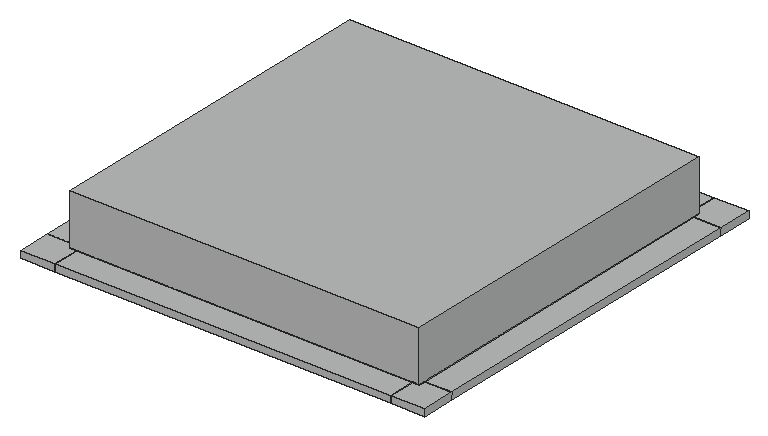
Revit family "ALUMOGIPS", category Осветительные приборы, Revit 2019 (continued)
Types (72, lengths in mm): name | Файл фотометрической сетки | built-in parameter 1150105 | Lumens | built-in parameter 1150106 | built-in parameter 1150142 | Wattage | Emit from Rectangle Width | Emit from Rectangle Length | Длина | Материал светильника | Ширина | ADSK_Ток | ADSK_Полная мощность | ADSK_Обозначение | ADSK_Номинальная мощность | ADSK_Наименование | ADSK_Масса | ADSK_Код изделия
  Alumogips-38/opal-sand 295х1195 (IP54, 4000К, серый) | "Светильник ALUMOGIPS-38 OPAL-SAND-(295x1195).ies" | 302.39 (stored number, unit not read) | 3800 lm | 3.0239 (stored number, unit not read) | "IESNA:LM-63-1995\r\n[TEST] Протокол №334/16 от 03.11.2016г. Испытательная лаборатория Государственного предприятия \"ЦСОТ НАН Беларуси\"\r\n[MORE] FFFFFFFD255B12BA015C13F525FB5F2F2\r\n[DATA] 02.11.2016\r\n[MANUFAC] ЗАО \"Центрстройсвет\"\r\n[LUMCAT] Светильник ALUMOGIPS-38/OPAL-SAND-(295X1195)\r\n[LUMINAIRE] офисное освещение\r\n[LAMP] \r\nTILT=NONE\r\n1    -1.0   1.000 91 181 1 2   .295   1.195   0.04\r\n1.0  1.0   37.90\r\n0.0 2.0 4.0 6.0 8.0 10.0 12.0 14.0 16.0 18.0 20.0 22.0 24.0 26.0 28.0 30.0 32.0 34.0 36.0 38.0 40.0 42.0 44.0 46.0 48.0 50.0 52.0 54.0 56.0 58.0 60.0 62.0 64.0 66.0 68.0 70.0 72.0 74.0 76.0 78.0 80.0 82.0 84.0 86.0 88.0 90.0 92.0 94.0 96.0 98.0 100.0 102.0 104.0 106.0 108.0 110.0 112.0 114.0 116.0 118.0 120.0 122.0 124.0 126.0 128.0 130.0 132.0 134.0 136.0 138.0 140.0 142.0 144.0 146.0 148.0 150.0 152.0 154.0 156.0 158.0 160.0 162.0 164.0 166.0 168.0 170.0 172.0 174.0 176.0 178.0 180.0 \r\n0.0 2.0 4.0 6.0 8.0 10.0 12.0 14.0 16.0 18.0 20.0 22.0 24.0 26.0 28.0 30.0 32.0 34.0 36.0 38.0 40.0 42.0 44.0 46.0 48.0 50.0 52.0 54.0 56.0 58.0 60.0 62.0 64.0 66.0 68.0 70.0 72.0 74.0 76.0 78.0 80.0 82.0 84.0 86.0 88.0 90.0 92.0 94.0 96.0 98.0 100.0 102.0 104.0 106.0 108.0 110.0 112.0 114.0 116.0 118.0 120.0 122.0 124.0 126.0 128.0 130.0 132.0 134.0 136.0 138.0 140.0 142.0 144.0 146.0 148.0 150.0 152.0 154.0 156.0 158.0 160.0 162.0 164.0 166.0 168.0 170.0 172.0 174.0 176.0 178.0 180.0 182.0 184.0 186.0 188.0 190.0 192.0 194.0 196.0 198.0 200.0 202.0 204.0 206.0 208.0 210.0 212.0 214.0 216.0 218.0 220.0 222.0 224.0 226.0 228.0 230.0 232.0 234.0 236.0 238.0 240.0 242.0 244.0 246.0 248.0 250.0 252.0 254.0 256.0 258.0 260.0 262.0 264.0 266.0 268.0 270.0 272.0 274.0 276.0 278.0 280.0 282.0 284.0 286.0 288.0 290.0 292.0 294.0 296.0 298.0 300.0 302.0 304.0 306.0 308.0 310.0 312.0 314.0 316.0 318.0 320.0 322.0 324.0 326.0 328.0 330.0 332.0 334.0 336.0 338.0 340.0 342.0 344.0 346.0 348.0 350.0 352.0 354.0 356.0 358.0 360.0 \r\n1417.637 1416.354 1411.816 1405.303 1395.733 1384.288 1370.276 1353.307 1334.658 1313.741 1290.456 1264.901 1237.669 1208.563 1177.582 1144.923 1111.476 1076.252 \r\n1039.646 1001.857 963.476 923.417 883.260 842.018 801.072 758.644 716.317 673.693 630.576 587.064 543.749 500.435 457.614 414.891 371.972 330.137 289.191 248.836 209.765 171.778 \r\n133.693 99.653 67.389 36.901 9.077 0.592 0.592 0.592 0.493 0.493 0.493 0.493 0.493 0.493 0.493 0.493 0.395 0.395 0.395 0.395 0.395 0.395 0.395 0.296 0.296 0.296 0.296 0.296 0.296 0.296 0.296 0.197 \r\n0.197 0.197 0.197 0.197 0.197 0.197 0.197 0.098 0.098 0.098 0.098 0.098 0.098 0.098 0.098 0.000 0.000 0.000 0.000 \r\n1417.637 1416.453 1411.914 1405.402 1395.930 1384.583 1370.671 1353.701 1335.053 1314.234 1290.850 1265.395 1238.261 1209.155 1178.075 1145.515 1112.067 1076.844 \r\n1040.239 1002.548 964.167 924.207 883.951 842.708 801.762 759.336 717.008 674.383 631.267 587.755 544.441 501.126 458.206 415.385 372.465 330.631 289.585 249.231 210.160 172.172 \r\n134.088 99.949 67.685 37.198 9.275 0.592 0.592 0.592 0.493 0.493 0.493 0.493 0.493 0.493 0.493 0.493 0.395 0.395 0.395 0.395 0.395 0.395 0.395 0.296 0.296 0.296 0.296 0.296 0.296 0.296 0.296 0.197 \r\n0.197 0.197 0.197 0.197 0.197 0.197 0.197 0.098 0.098 0.098 0.098 0.098 0.098 0.098 0.098 0.000 0.000 0.000 0.000 \r\n1417.637 1416.453 1412.013 1405.600 1396.226 1384.781 1370.968 1354.095 1335.448 1314.629 1291.344 1265.888 1238.754 1209.648 1178.667 1146.206 1112.758 1077.534 \r\n1040.929 1003.140 964.857 924.898 884.740 843.400 802.453 760.026 717.698 674.976 631.859 588.446 545.032 501.718 458.798 415.977 373.057 331.124 290.079 249.625 210.553 172.567 \r\n134.383 100.245 67.883 37.394 9.472 0.592 0.592 0.592 0.493 0.493 0.493 0.493 0.493 0.493 0.493 0.493 0.395 0.395 0.395 0.395 0.395 0.395 0.395 0.296 0.296 0.296 0.296 0.296 0.296 0.296 0.296 0.197 \r\n0.197 0.197 0.197 0.197 0.197 0.197 0.197 0.098 0.098 0.098 0.098 0.098 0.098 0.098 0.098 0.000 0.000 0.000 0.000 \r\n1417.637 1416.551 1412.111 1405.796 1396.423 1385.077 1371.264 1354.391 1335.842 1315.024 1291.837 1266.382 1239.248 1210.240 1179.259 1146.798 1113.350 1078.126 \r\n1041.620 1003.831 965.548 925.588 885.431 844.090 803.143 760.717 718.389 675.666 632.549 589.038 545.723 502.310 459.390 416.569 373.550 331.617 290.474 250.119 210.948 172.863 \r\n134.679 100.541 68.178 37.591 9.669 0.592 0.592 0.592 0.493 0.493 0.493 0.493 0.493 0.493 0.493 0.493 0.395 0.395 0.395 0.395 0.395 0.395 0.395 0.296 0.296 0.296 0.296 0.296 0.296 0.296 0.296 0.197 \r\n0.197 0.197 0.197 0.197 0.197 0.197 0.197 0.098 0.098 0.098 0.098 0.098 0.098 0.098 0.098 0.000 0.000 0.000 0.000 \r\n1417.637 1416.551 1412.309 1405.895 1396.621 1385.373 1371.559 1354.786 1336.237 1315.419 1292.232 1266.875 1239.742 1210.733 1179.851 1147.390 1113.942 1078.816 \r\n1042.310 1004.521 966.238 926.279 886.121 844.879 803.834 761.408 719.080 676.357 633.240 589.728 546.315 502.902 459.982 417.062 374.043 332.110 290.967 250.513 211.343 173.258 \r\n135.074 100.837 68.376 37.888 9.965 0.592 0.592 0.592 0.493 0.493 0.493 0.493 0.493 0.493 0.493 0.493 0.395 0.395 0.395 0.395 0.395 0.395 0.395 0.296 0.296 0.296 0.296 0.296 0.296 0.296 0.296 0.197 \r\n0.197 0.197 0.197 0.197 0.197 0.197 0.197 0.098 0.098 0.098 0.098 0.098 0.098 0.098 0.098 0.000 0.000 0.000 0.000 \r\n1417.637 1416.650 1412.407 1406.093 1396.917 1385.669 1371.954 1355.181 1336.632 1315.912 1292.725 1267.368 1240.334 1211.325 1180.443 1147.982 1114.633 1079.409 \r\n1042.903 1005.212 966.929 926.969 886.812 845.569 804.524 762.098 719.770 677.048 633.832 590.320 546.907 503.494 460.574 417.654 374.636 332.603 291.460 250.908 211.738 173.653 \r\n135.371 101.133 68.671 38.086 10.163 0.592 0.592 0.592 0.493 0.493 0.493 0.493 0.493 0.493 0.493 0.493 0.395 0.395 0.395 0.395 0.395 0.395 0.395 0.296 0.296 0.296 0.296 0.296 0.296 0.296 0.296 0.197 \r\n0.197 0.197 0.197 0.197 0.197 0.197 0.197 0.098 0.098 0.098 0.098 0.098 0.098 0.098 0.098 0.000 0.000 0.000 0.000 \r\n1417.637 1416.650 1412.506 1406.191 1397.114 1385.866 1372.250 1355.576 1337.027 1316.307 1293.218 1267.861 1240.827 1211.918 1181.035 1148.672 1115.225 1080.099 \r\n1043.593 1005.902 967.620 927.660 887.503 846.260 805.215 762.789 720.461 677.739 634.523 591.011 547.598 504.086 461.166 418.247 375.129 333.098 291.855 251.401 212.132 173.948 \r\n135.666 101.429 68.968 38.381 10.360 0.592 0.592 0.592 0.493 0.493 0.493 0.493 0.493 0.493 0.493 0.493 0.395 0.395 0.395 0.395 0.395 0.395 0.395 0.296 0.296 0.296 0.296 0.296 0.296 0.296 0.296 0.197 \r\n0.197 0.197 0.197 0.197 0.197 0.197 0.197 0.098 0.098 0.098 0.098 0.098 0.098 0.098 0.098 0.000 0.000 0.000 0.000 \r\n1417.637 1416.650 1412.604 1406.389 1397.311 1386.162 1372.546 1355.871 1337.421 1316.701 1293.613 1268.355 1241.320 1212.411 1181.627 1149.265 1115.816 1080.691 \r\n1044.284 1006.593 968.212 928.351 888.194 846.951 805.906 763.479 721.151 678.429 635.213 591.702 548.190 504.777 461.758 418.740 375.721 333.591 292.348 251.796 212.527 174.343 \r\n135.962 101.627 69.165 38.579 10.557 0.592 0.592 0.592 0.493 0.493 0.493 0.493 0.493 0.493 0.493 0.395 0.395 0.395 0.395 0.395 0.395 0.395 0.395 0.296 0.296 0.296 0.296 0.296 0.296 0.296 0.296 0.197 \r\n0.197 0.197 0.197 0.197 0.197 0.197 0.197 0.098 0.098 0.098 0.098 0.098 0.098 0.098 0.098 0.000 0.000 0.000 0.000 \r\n1417.637 1416.749 1412.704 1406.586 1397.607 1386.458 1372.941 1356.266 1337.815 1317.095 1294.106 1268.848 1241.813 1213.003 1182.219 1149.856 1116.409 1081.382 \r\n1044.876 1007.283 968.902 929.042 888.885 847.642 806.597 764.170 721.843 679.120 635.806 592.293 548.881 505.368 462.351 419.332 376.214 334.084 292.841 252.191 212.922 174.738 \r\n136.357 101.922 69.461 38.776 10.853 0.592 0.592 0.592 0.493 0.493 0.493 0.493 0.493 0.493 0.493 0.395 0.395 0.395 0.395 0.395 0.395 0.395 0.395 0.296 0.296 0.296 0.296 0.296 0.296 0.296 0.296 0.197 \r\n0.197 0.197 0.197 0.197 0.197 0.197 0.197 0.098 0.098 0.098 0.098 0.098 0.098 0.098 0.098 0.000 0.000 0.000 0.000 \r\n1417.637 1416.749 1412.802 1406.684 1397.805 1386.754 1373.237 1356.661 1338.210 1317.589 1294.599 1269.341 1242.406 1213.496 1182.811 1150.448 1117.099 1081.974 \r\n1045.566 1007.974 969.593 929.732 889.575 848.333 807.287 764.861 722.533 679.712 636.496 592.985 549.472 505.960 462.942 419.825 376.707 334.577 293.236 252.684 213.317 175.034 \r\n136.652 102.218 69.659 39.072 11.051 0.592 0.592 0.592 0.493 0.493 0.493 0.493 0.493 0.493 0.493 0.395 0.395 0.395 0.395 0.395 0.395 0.395 0.395 0.296 0.296 0.296 0.296 0.296 0.296 0.296 0.296 0.197 \r\n0.197 0.197 0.197 0.197 0.197 0.197 0.197 0.098 0.098 0.098 0.098 0.098 0.098 0.098 0.098 0.000 0.000 0.000 0.000 \r\n1417.637 1416.848 1412.901 1406.882 1398.002 1387.051 1373.533 1356.957 1338.605 1317.983 1294.994 1269.834 1242.899 1214.089 1183.403 1151.041 1117.692 1082.665 \r\n1046.257 1008.566 970.284 930.423 890.266 849.121 807.978 765.552 723.224 680.403 637.187 593.675 550.163 506.553 463.534 420.416 377.300 335.071 293.729 253.079 213.712 175.429 \r\n136.949 102.515 69.954 39.269 11.248 0.592 0.592 0.592 0.493 0.493 0.493 0.493 0.493 0.493 0.493 0.395 0.395 0.395 0.395 0.395 0.395 0.395 0.395 0.296 0.296 0.296 0.296 0.296 0.296 0.296 0.296 0.197 \r\n0.197 0.197 0.197 0.197 0.197 0.197 0.197 0.098 0.098 0.098 0.098 0.098 0.098 0.098 0.098 0.000 0.000 0.000 0.000 \r\n1417.637 1416.848 1412.999 1407.079 1398.298 1387.247 1373.829 1357.352 1339.000 1318.378 1295.488 1270.327 1243.392 1214.680 1183.995 1151.731 1118.283 1083.257 \r\n1046.849 1009.257 970.975 931.113 891.055 849.813 808.668 766.242 723.914 681.093 637.779 594.266 550.755 507.145 464.126 421.009 377.793 335.564 294.222 253.474 214.105 175.823 \r\n137.343 102.810 70.250 39.467 11.445 0.592 0.592 0.592 0.493 0.493 0.493 0.493 0.493 0.493 0.493 0.395 0.395 0.395 0.395 0.395 0.395 0.395 0.395 0.296 0.296 0.296 0.296 0.296 0.296 0.296 0.296 0.197 \r\n0.197 0.197 0.197 0.197 0.197 0.197 0.197 0.098 0.098 0.098 0.098 0.098 0.098 0.098 0.098 0.000 0.000 0.000 0.000 \r\n1417.637 1416.946 1413.098 1407.178 1398.495 1387.544 1374.223 1357.747 1339.395 1318.773 1295.882 1270.822 1243.886 1215.174 1184.587 1152.323 1118.974 1083.848 \r\n1047.540 1009.947 971.665 931.903 891.746 850.503 809.359 766.933 724.507 681.784 638.470 594.958 551.445 507.836 464.718 421.502 378.287 336.057 294.617 253.967 214.500 176.119 \r\n137.640 103.106 70.447 39.762 11.741 0.592 0.592 0.592 0.493 0.493 0.493 0.493 0.493 0.493 0.493 0.395 0.395 0.395 0.395 0.395 0.395 0.395 0.395 0.296 0.296 0.296 0.296 0.296 0.296 0.296 0.296 0.197 \r\n0.197 0.197 0.197 0.197 0.197 0.197 0.197 0.098 0.098 0.098 0.098 0.098 0.098 0.098 0.098 0.000 0.000 0.000 0.000 \r\n1417.637 1416.946 1413.197 1407.376 1398.693 1387.839 1374.520 1358.042 1339.789 1319.168 1296.376 1271.315 1244.477 1215.765 1185.179 1152.915 1119.566 1084.539 \r\n1048.230 1010.638 972.356 932.594 892.436 851.194 810.050 767.623 725.197 682.474 639.160 595.649 552.038 508.427 465.310 422.094 378.878 336.550 295.111 254.362 214.895 176.514 \r\n137.935 103.403 70.744 39.960 11.939 0.592 0.592 0.592 0.493 0.493 0.493 0.493 0.493 0.493 0.493 0.395 0.395 0.395 0.395 0.395 0.395 0.395 0.395 0.296 0.296 0.296 0.296 0.296 0.296 0.296 0.296 0.197 \r\n0.197 0.197 0.197 0.197 0.197 0.197 0.197 0.098 0.098 0.098 0.098 0.098 0.098 0.098 0.098 0.000 0.000 0.000 0.000 \r\n1417.637 1417.044 1413.295 1407.474 1398.890 1388.135 1374.815 1358.437 1340.184 1319.661 1296.869 1271.808 1244.971 1216.258 1185.673 1153.507 1120.158 1085.131 \r\n1048.823 1011.329 973.046 933.284 893.127 851.884 810.741 768.314 725.888 683.165 639.752 596.240 552.728 509.019 465.902 422.686 379.371 337.044 295.505 254.757 215.388 176.909 \r\n138.232 103.698 70.942 40.157 12.136 0.592 0.592 0.592 0.493 0.493 0.493 0.493 0.493 0.493 0.493 0.395 0.395 0.395 0.395 0.395 0.395 0.395 0.395 0.296 0.296 0.296 0.296 0.296 0.296 0.296 0.296 0.197 \r\n0.197 0.197 0.197 0.197 0.197 0.197 0.197 0.098 0.098 0.098 0.098 0.098 0.098 0.098 0.098 0.000 0.000 0.000 0.000 \r\n1417.637 1417.044 1413.394 1407.671 1399.187 1388.333 1375.111 1358.832 1340.578 1320.056 1297.264 1272.301 1245.464 1216.851 1186.264 1154.099 1120.849 1085.822 \r\n1049.513 1012.020 973.737 933.975 893.818 852.575 811.432 769.004 726.578 683.855 640.443 596.930 553.321 509.611 466.494 423.180 379.964 337.537 295.999 255.250 215.783 177.304 \r\n138.626 103.994 71.237 40.453 12.333 0.592 0.592 0.592 0.493 0.493 0.493 0.493 0.493 0.493 0.493 0.395 0.395 0.395 0.395 0.395 0.395 0.395 0.395 0.296 0.296 0.296 0.296 0.296 0.296 0.296 0.296 0.197 \r\n0.197 0.197 0.197 0.197 0.197 0.197 0.197 0.098 0.098 0.098 0.098 0.098 0.098 0.098 0.098 0.000 0.000 0.000 0.000 \r\n1417.637 1417.143 1413.492 1407.869 1399.383 1388.629 1375.506 1359.226 1340.973 1320.451 1297.757 1272.795 1246.056 1217.443 1186.856 1154.790 1121.441 1086.414 \r\n1050.204 1012.711 974.428 934.665 894.508 853.365 812.122 769.695 727.269 684.448 641.134 597.523 554.011 510.203 467.086 423.772 380.457 338.031 296.492 255.645 216.178 177.599 \r\n138.922 104.291 71.533 40.650 12.629 0.592 0.592 0.592 0.493 0.493 0.493 0.493 0.493 0.493 0.493 0.395 0.395 0.395 0.395 0.395 0.395 0.395 0.395 0.296 0.296 0.296 0.296 0.296 0.296 0.296 0.296 0.197 \r\n0.197 0.197 0.197 0.197 0.197 0.197 0.197 0.098 0.098 0.098 0.098 0.098 0.098 0.098 0.098 0.000 0.000 0.000 0.000 \r\n1417.637 1417.143 1413.592 1407.967 1399.580 1388.925 1375.803 1359.523 1341.367 1320.845 1298.250 1273.288 1246.550 1217.936 1187.448 1155.382 1122.032 1087.105 \r\n1050.894 1013.401 975.119 935.356 895.199 854.055 812.813 770.386 727.959 685.138 641.725 598.213 554.603 510.795 467.678 424.265 380.951 338.524 296.887 256.038 216.573 177.994 \r\n139.218 104.586 71.730 40.848 12.826 0.592 0.592 0.493 0.493 0.493 0.493 0.493 0.493 0.493 0.493 0.395 0.395 0.395 0.395 0.395 0.395 0.395 0.395 0.296 0.296 0.296 0.296 0.296 0.296 0.296 0.296 0.197 \r\n0.197 0.197 0.197 0.197 0.197 0.197 0.197 0.098 0.098 0.098 0.098 0.098 0.098 0.098 0.098 0.000 0.000 0.000 0.000 \r\n1417.637 1417.242 1413.690 1408.165 1399.877 1389.220 1376.098 1359.917 1341.762 1321.339 1298.645 1273.781 1247.043 1218.528 1188.041 1155.974 1122.723 1087.697 \r\n1051.487 1013.993 975.810 936.046 895.889 854.746 813.503 771.077 728.650 685.829 642.416 598.904 555.294 511.486 468.270 424.857 381.542 339.018 297.380 256.533 216.967 178.389 \r\n139.613 104.882 72.026 41.143 13.024 0.592 0.592 0.493 0.493 0.493 0.493 0.493 0.493 0.493 0.493 0.395 0.395 0.395 0.395 0.395 0.395 0.395 0.395 0.296 0.296 0.296 0.296 0.296 0.296 0.296 0.296 0.197 \r\n0.197 0.197 0.197 0.197 0.197 0.197 0.197 0.098 0.098 0.098 0.098 0.098 0.098 0.098 0.098 0.000 0.000 0.000 0.000 \r\n1417.637 1417.242 1413.789 1408.362 1400.075 1389.517 1376.394 1360.311 1342.157 1321.733 1299.138 1274.274 1247.536 1219.022 1188.632 1156.566 1123.315 1088.388 \r\n1052.177 1014.684 976.500 936.738 896.581 855.436 814.194 771.768 729.341 686.519 643.107 599.496 555.885 512.078 468.862 425.449 382.035 339.511 297.873 256.926 217.362 178.685 \r\n139.909 105.079 72.223 41.341 13.221 0.592 0.592 0.493 0.493 0.493 0.493 0.493 0.493 0.493 0.493 0.395 0.395 0.395 0.395 0.395 0.395 0.395 0.395 0.296 0.296 0.296 0.296 0.296 0.296 0.296 0.296 0.197 \r\n0.197 0.197 0.197 0.197 0.197 0.197 0.197 0.098 0.098 0.098 0.098 0.098 0.098 0.098 0.098 0.000 0.000 0.000 0.000 \r\n1417.637 1417.341 1413.986 1408.461 1400.271 1389.715 1376.789 1360.608 1342.552 1322.128 1299.632 1274.768 1248.128 1219.614 1189.224 1157.256 1123.907 1088.980 \r\n1052.868 1015.374 977.191 937.428 897.369 856.127 814.884 772.458 730.032 687.211 643.698 600.187 556.577 512.670 469.454 425.942 382.529 340.004 298.268 257.321 217.756 179.080 \r\n140.204 105.376 72.520 41.538 13.517 0.592 0.592 0.493 0.493 0.493 0.493 0.493 0.493 0.493 0.493 0.395 0.395 0.3
